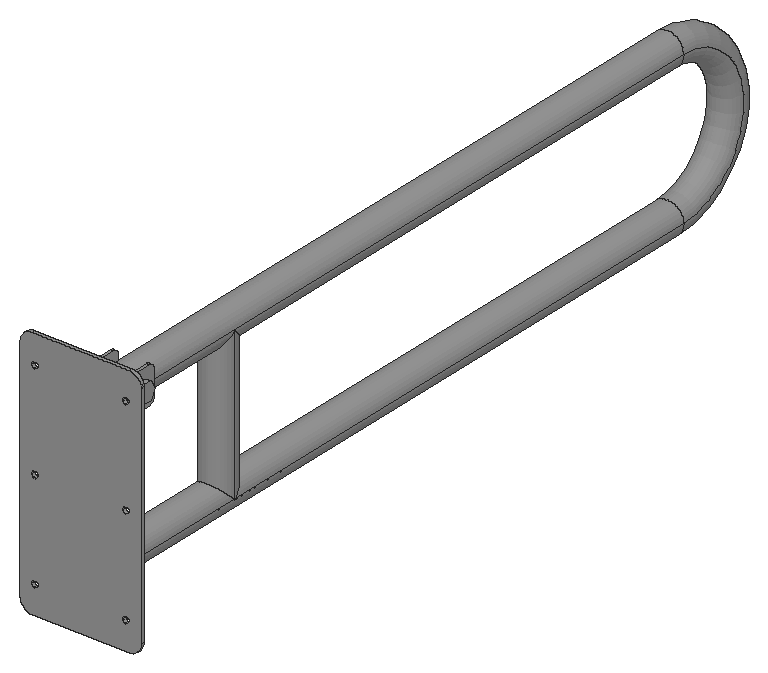
Revit family "Porecz_uchylna_dla_niepelnosprawnych_800 mm stal szlachetna matowa", category Furniture, host Wall, Revit 2019
Family settings
  Host = Wall
  Always vertical = Yes
  Cut with Voids When Loaded = No
  Shared = No
  Room Calculation Point = No
Parameters (values of type "S32UUWC8SNM")
  Width / Szerokosc = 120 mm  # constant formula
  Weight / Waga = "3 kg"
  URL = "https://faneco.com/porecz-uchylna-dla-niepelnosprawnych-800-mm-sn-m.html"
  Type Comments = "Poręcz uchylna dla niepełnosprawnych 800 mm stal szlachetna matowa"
  Product code / Kod produktu = "S32UUWC8SNM"
  Model = ""
  Material finish / Wykonczenie = "Stal nierdzewna AISI 316"
  Material = Stal nierdzewna AISI 316
  Manufacturer code / Kod producenta = "5901764294894"
  Manufacturer = "FANECO.com"
  Height / Wysokosc = 250 mm  # constant formula
  Description = "Poręcz uchylna dla niepełnosprawnych to solidny, stabilny i bezpieczny pochwyt łazienkowy, który wykonano ze stali nierdzewnej. Matowe wykończenie ułatwia czyszczenie, a jednocześnie gwarantuje elegancki wygląd poręczy. Uchwyt o długości 80 cm  jest podporą dla ludzi z ograniczeniami ruchowymi podczas korzystania z urządzeń sanitarnych. Zwiększa on samodzielność i wygodę użytkowników. Odchylany do góry pochwyt posiada progresywny system hamulcowy, który zabezpiecza go przed niespodziewanym opadnięciem. Polecany jest do toalet w szpitalach, restauracjach, hotelach, szkołach, domach spokojnej starości i sanatoriach."
  Depth / Glebokosc = 800 mm  # constant formula
Reference planes
  plane 1 "Wall": y = 0
  plane 2 "Center (Left/Right)": x = 125
  plane 3 "Back": y = 75
Text (mm)
  text "Placement Side" at (-1848.837, 1116.779, 0), in view "Ref. Level"
  text "Placement side" at (0, 1409.804, 2854.306), in view "Left"
  text "Placement side" at (0, 499.811, 2980.732), in view "Right"
Dimensions and locks
  locked: plane 3 "Back" to host wall
  aligned and locked: plane 1 "Wall" to host wall
Nested families
  nested 1: "Low_detail" at (125, 75, 1125) x (-1, 0, 0) z (0, 1, 0), Material <- "Material", type "Low_detail", detail levels coarse
    with W 250 mm, S 120 mm, Material Stal nierdzewna AISI 316, G 800 mm
  nested 2: "SNM_medium_80cm" at (125, 75, 1000) x (-1, 0, 0) z (0, 1, 0), type "SNM_medium_80cm", detail levels medium+fine
Definition of nested family "Low_detail"
  Parameters
    W [instance] = 721.812 mm
    S [instance] = 880 mm
    Material [instance] = none
    G [instance] = 250 mm
    Default Elevation = 1219.2 mm
  Reference planes
    plane 1 "Center (Front/Back)": y = 0
    plane 2: z = 0
    plane 3 "Center (Left/Right)": x = 0
    plane 4: x = -440
    plane 5: x = 440
    plane 6: y = 360.906
    plane 7: y = -360.906
  Forms (mm)
    Extrusion 1, solid
      sketch origin (0, 0, 0) x (1, 0, 0) y (0, 1, 0)
        loop
          line (-1219.2, 1219.2) -> (-1219.2, -1219.2) -> (1219.2, -1219.2) -> (1219.2, 1219.2) -> (-1219.2, 1219.2)
      from 0 to -304.8
    Extrusion 2, solid, material <- "Material"
      sketch origin (0, 0, 0) x (1, 0, 0) y (0, 1, 0)
        loop
          line (-440, 360.906) -> (-440, -360.906) -> (440, -360.906) -> (440, 360.906) -> (-440, 360.906)
      from 0 to 250 <- "G"
  Dimensions and locks
    equal spacing: plane 4, plane 3 "Center (Left/Right)", plane 5
    "S": plane 4 to plane 5
    equal spacing: plane 6, plane 1 "Center (Front/Back)", plane 7
    "W": plane 6 to plane 7
    aligned and locked: plane 2 to Extrusion 1
    aligned and locked: level to Extrusion 1
    aligned and locked: Extrusion 2 sketch curve to plane 6
    aligned and locked: plane 4 to Extrusion 2 sketch curve
    aligned and locked: plane 7 to Extrusion 2 sketch curve
    aligned and locked: Extrusion 2 sketch curve to plane 5
  Automatic sketch dimensions
    Extrusion 1 sketch curve to Extrusion 1 sketch curve = 2438.4 mm  (x2)
Definition of nested family "SNM_medium_80cm"
  Parameters (values of type "SNM_medium_80cm")
    Material = none
    Default Elevation = 1219.2 mm
  Reference planes
    plane 1 "Center (Front/Back)": y = 0
    plane 2: z = 0
    plane 3 "Center (Left/Right)": x = 0
  Forms (mm)
    Extrusion 1, solid
      sketch origin (0, 0, 0) x (1, 0, 0) y (0, 1, 0)
        loop
          line (-1219.2, 1219.2) -> (-1219.2, -1219.2) -> (1219.2, -1219.2) -> (1219.2, 1219.2) -> (-1219.2, 1219.2)
      from 0 to -304.8
    Extrusion 2, solid, material <- "Material"
      sketch origin (0, 0, 0) x (1, 0, 0) y (0, 1, 0)
        loop
          line (48, 250) -> (-48, 250)
          arc (-48, 250) -> (-56.485, 246.485) -> (-60, 238) r 12
          line (-60, 238) -> (-60, 12)
          arc (-60, 12) -> (-56.485, 3.515) -> (-48, 0) r 12
          line (-48, 0) -> (48, 0)
          arc (48, 0) -> (56.485, 3.515) -> (60, 12) r 12
          line (60, 12) -> (60, 238)
          arc (60, 238) -> (56.485, 246.485) -> (48, 250) r 12
        loop
          circle (-44.997, 221.966) r 3.2
        loop
          circle (45.003, 221.966) r 3.2
        loop
          circle (45.003, 124.993) r 3.2
        loop
          circle (45.003, 27.945) r 3.2
        loop
          circle (-44.997, 27.945) r 3.2
        loop
          circle (-44.997, 124.983) r 3.2
      from 0 to 3
    Extrusion 3, solid, material <- "Material"
      sketch origin (0, 0, 0) x (0, 1, 0) y (0, 0, 1)
        loop
          line (218, 3) -> (218, 61)
          arc (218, 61) -> (216.536, 64.536) -> (213, 66) r 5
          line (213, 66) -> (187, 66)
          arc (187, 66) -> (183.464, 64.536) -> (182, 61) r 5
          line (182, 61) -> (182, 3) -> (218, 3)
      from 16 to 19
    Extrusion 4, solid, material <- "Material"
      sketch origin (0, 0, 0) x (0, 1, 0) y (0, 0, -1)
        loop
          line (218, -3) -> (182, -3) -> (182, -61)
          arc (182, -61) -> (183.464, -64.536) -> (187, -66) r 5
          line (187, -66) -> (213, -66)
          arc (213, -66) -> (216.536, -64.536) -> (218, -61) r 5
          line (218, -61) -> (218, -3)
      from 16 to 19
    Extrusion 5, solid, material <- "Material"
      sketch origin (0, 0, 0) x (0, 1, 0) y (0, 0, 1)
        loop
          line (208.66, 45) -> (208.66, 55) -> (200, 60) -> (191.34, 55) -> (191.34, 45) -> (200, 40) -> (208.66, 45)
      from 19 to 27
    Extrusion 6, solid, material <- "Material"
      sketch origin (0, 0, 0) x (0, 1, 0) y (0, 0, -1)
        loop
          line (208.66, -45) -> (200, -40) -> (191.34, -45) -> (191.34, -55) -> (200, -60) -> (208.66, -55) -> (208.66, -45)
      from 19 to 25
    Sweep 7, solid, material <- "Material"
      path in 3D
        loop
          line (0, 200, 3) -> (0, 200, 725.004)
          arc (0, 200, 725.004) -> (0, 125, 800.004) -> (0, 50, 725.004) r 75
          line (0, 50, 725.004) -> (0, 50, 3)
      profile origin (0, 200, 364.002) x (0, -1, 0) y (1, 0, 0)
        loop
          circle (0, 0) r 16
    Sweep 8, solid, material <- "Material"
      path in 3D
        loop
          line (0, 200, 169.75) -> (0, 50, 169.75)
      profile origin (0, 125, 169.75) x (0, 0, -1) y (1, 0, 0)
        loop
          circle (0, 0) r 16
  Cuts and joins
    joined: Sweep 7, Sweep 8
  Lines and regions (mm)
    reference lines
      curve 1: line (0, 200, 3) -> (0, 200, 725.004)
      curve 2: line (0, 50, 3) -> (0, 50, 725.004)
      curve 3: arc (0, 200, 725.004) -> (0, 125, 800.004) -> (0, 50, 725.004) r 75
      curve 7: line (0, 200, 169.75) -> (0, 50, 169.75)
    sketch lines
      curve 4: line (0, 200, 3) -> (0, 200, 725.004)
      curve 5: arc (0, 200, 725.004) -> (0, 125, 800.004) -> (0, 50, 725.004) r 75
      curve 6: line (0, 50, 3) -> (0, 50, 725.004)
      curve 8: line (0, 200, 169.75) -> (0, 50, 169.75)
  Dimensions and locks
    aligned and locked: plane 2 to Extrusion 1
    aligned and locked: level to Extrusion 1
